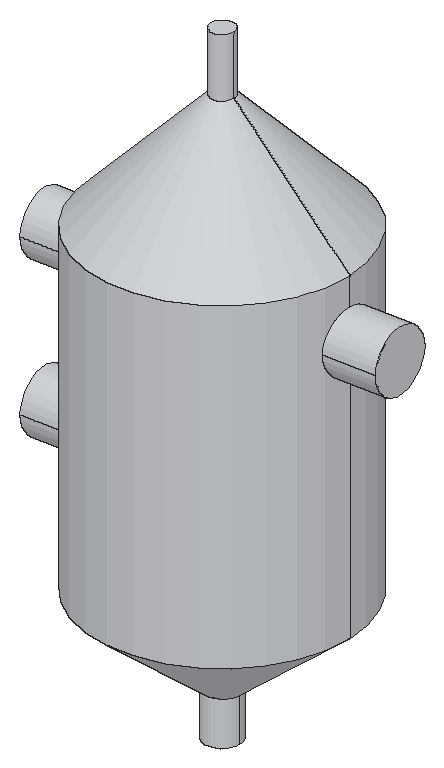
Revit family "M_Separador de ar com filtro - Tangencial em linha - 50-65 mm - Rosqueado", category Acessórios do tubo, Revit 2019
Family settings
  Cota do conector redondo = Usar raio
  Tipo de parte = Normal
  Número OmniClass = 23.65.50.11
  Título OmniClass = Water Treatment
  ID de item do Seek = Air Separator with Strainer - Inline Tangential - 50-65 mm - Threaded-0000-CAN-ENU
  Com base no plano de trabalho = Não
  Sempre na vertical = Sim
  Corte com vazios quando carregada = Não
  Compartilhado = Não
Parameters (values of type "50 mm")
  Raio da ventilação = 10 mm
  Diâmetro da ventilação = Raio da ventilação * 2  # 20 mm
  Raio do separador = Diâmetro do separador / 2  # 109.5 mm
  Comprimento do separador = 305 mm
  Altura do separador = 457 mm
  Diâmetro do separador = 219 mm
  Raio externo = Diâmetro externo / 2  # 26.25 mm
  Diâmetro externo = 1.05 * Diâmetro nominal  # 52.5 mm
  Raio nominal = 25 mm
  Diâmetro nominal = Raio nominal * 2  # 50 mm
  K Coefficient = 2.75
  Raio da drenagem = 15 mm
  Distância 1 = 137 mm
  C1 Deslocamento 1 = 152 mm
  Material do separador de ar = none
Types (3, lengths in mm): name | Raio do separador | Comprimento do separador | Altura do separador | Diâmetro do separador | Raio externo | Diâmetro externo | Raio nominal | Diâmetro nominal | K Coefficient | Distância 1 | C1 Deslocamento 1
  (no name) | 109.5 | 305 | 457 | 219 | 26.25 | 52.5 | 25 | 50 | 2.75 | 137 | 152
  50 mm | 109.5 | 305 | 457 | 219 | 26.25 | 52.5 | 25 | 50 | 2.75 | 137 | 152
  65 mm | 136.5 | 406 | 508 | 273 | 34.125 | 68.25 | 32.5 | 65 | 3.34 | 149 | 178
Reference planes
  plane 1 "Centro (Frente/Trás)": y = 0
  plane 2: z = 0
  plane 3 "Centro (Esquerda/Direita)": x = 0
  plane 4: z = 0
  plane 5: x = -305
  plane 6: z = 152
  plane 7: z = 202.8
  plane 8: z = -137
  plane 9: x = -152.5
  plane 10: x = -43
  plane 11: z = 50.4
  plane 12: z = -305
  plane 13: z = -228.8
  plane 14: z = -343.1
Forms (mm)
  Extrusion 1, solid, material <- "Material do separador de ar"
    sketch origin (0, 0, 0) x (1, 0, 0) y (0, 1, 0)
      loop
        circle (-152.5, 0) r 109.5
    from -228.8 to 50.4
  Extrusion 2, solid, material <- "Material do separador de ar"
    sketch origin (0, 0, 0) x (0, 1, 0) y (0, 0, 1)
      loop
        circle (0, 0) r 26.25
    from -152.5 to 0
  Extrusion 3, solid, material <- "Material do separador de ar"
    sketch origin (0, 0, 0) x (0, 1, 0) y (0, 0, 1)
      loop
        circle (0, -137) r 26.25
    from -305 to -152.5
  Extrusion 4, solid, material <- "Material do separador de ar"
    sketch origin (0, 0, 0) x (0, 1, 0) y (0, 0, 1)
      loop
        circle (0, 0) r 26.25
    from -305 to -152.5
  Blend 5, solid, material <- "Material do separador de ar"
    base sketch origin (0, 0, 0) x (1, 0, 0) y (0, 1, 0)
      loop
        circle (-152.5, 0) r 109.5
    top sketch origin (0, 0, 0) x (1, 0, 0) y (0, 1, 0)
      loop
        circle (-152.5, 0) r 10
    from 50.4 to 152
  Blend 6, solid, material <- "Material do separador de ar"
    base sketch origin (0, 0, 0) x (1, 0, 0) y (0, 1, 0)
      loop
        circle (-152.5, 0) r 15
    top sketch origin (0, 0, 0) x (1, 0, 0) y (0, 1, 0)
      loop
        circle (-152.5, 0) r 109.5
    from -305 to -228.8
  Extrusion 7, solid, material <- "Material do separador de ar"
    sketch origin (0, 0, 0) x (1, 0, 0) y (0, 1, 0)
      loop
        circle (-152.5, 0) r 10
    from 152 to 202.8
  Extrusion 8, solid, material <- "Material do separador de ar"
    sketch origin (0, 0, 0) x (1, 0, 0) y (0, 1, 0)
      loop
        circle (-152.5, 0) r 15
    from -343.1 to -305
Cuts and joins
  joined: Extrusion 1, Extrusion 2, Extrusion 3, Extrusion 4, Blend 5, Blend 6, Extrusion 7, Extrusion 8
Dimensions and locks
  "C1 Deslocamento 1": plane 6 to plane 2
  locked: plane 7 to plane 6 at 50.8
  "Distância 1": plane 2 to plane 8
  "Comprimento do separador": plane 5 to plane 3 "Centro (Esquerda/Direita)"
  equal spacing: plane 5, plane 9, plane 3 "Centro (Esquerda/Direita)"
  "Raio do separador": plane 9 to plane 10
  locked: plane 6 to plane 11 at 101.6
  "Altura do separador": plane 6 to plane 12
  locked: plane 13 to plane 12 at 76.2
  locked: plane 12 to plane 14 at 38.1
  "Raio do separador": radius of Extrusion 1 sketch curve
  "Raio externo": radius of Extrusion 2 sketch curve
  "Raio externo": radius of Extrusion 3 sketch curve
  "Raio externo": radius of Extrusion 4 sketch curve
  "Raio do separador": radius of Blend 5 sketch curve
  "Raio da ventilação": radius of Blend 5 sketch curve
  "Raio da drenagem": radius of Blend 6 sketch curve
  "Raio do separador": radius of Blend 6 sketch curve
  "Raio da ventilação": radius of Extrusion 7 sketch curve
  "Raio da drenagem": radius of Extrusion 8 sketch curve
  aligned and locked: plane 2 to plane 4
  aligned and locked: plane 4 to Extrusion 2 sketch curve
  aligned and locked: plane 1 "Centro (Frente/Trás)" to Extrusion 2 sketch curve
  aligned and locked: plane 9 to Extrusion 1 sketch curve
  aligned and locked: plane 1 "Centro (Frente/Trás)" to Extrusion 1 sketch curve
  aligned and locked: plane 9 to Extrusion 2
  aligned and locked: plane 3 "Centro (Esquerda/Direita)" to Extrusion 2
  aligned and locked: plane 11 to Extrusion 1
  aligned and locked: plane 8 to Extrusion 3 sketch curve
  aligned and locked: plane 1 "Centro (Frente/Trás)" to Extrusion 3 sketch curve
  aligned and locked: plane 5 to Extrusion 3
  aligned and locked: Extrusion 3 to plane 9
  aligned and locked: plane 4 to Extrusion 4 sketch curve
  aligned and locked: plane 1 "Centro (Frente/Trás)" to Extrusion 4 sketch curve
  aligned and locked: Extrusion 4 to plane 9
  aligned and locked: plane 5 to Extrusion 4
  aligned and locked: Extrusion 1 to plane 13
  aligned and locked: plane 1 "Centro (Frente/Trás)" to Blend 5 sketch curve  (x2)
  aligned and locked: plane 9 to Blend 5 sketch curve  (x2)
  aligned and locked: Blend 5 to plane 11
  aligned and locked: plane 6 to Blend 5
  aligned and locked: plane 1 "Centro (Frente/Trás)" to Blend 6 sketch curve  (x2)
  aligned and locked: plane 9 to Blend 6 sketch curve  (x2)
  aligned and locked: Blend 6 to plane 12
  aligned and locked: plane 13 to Blend 6
  aligned and locked: plane 1 "Centro (Frente/Trás)" to Extrusion 7 sketch curve
  aligned and locked: plane 9 to Extrusion 7 sketch curve
  aligned and locked: Extrusion 7 to plane 6
  aligned and locked: plane 7 to Extrusion 7
  aligned and locked: plane 1 "Centro (Frente/Trás)" to Extrusion 8 sketch curve
  aligned and locked: plane 9 to Extrusion 8 sketch curve
  aligned and locked: plane 12 to Extrusion 8
  aligned and locked: Extrusion 8 to plane 14
Connectors
  piping at (0, 0, 0), diameter 50, driven by "Raio nominal"
    settings: on cut or joined group of Extrusion 1, Extrusion 2, Extrusion 3, Extrusion 4, Blend 5, Blend 6, Extrusion 7, Extrusion 8, index 1, connector inside diameter 50 mm, connector length 0 mm, flow factor 0, pipe flow 0.0 L/s, pressure drop 0.0 Pa, fitting loss kfactor 0, connector angle 0.00°, fixture units 0, engagement length 0 mm, angle of deflection 0.00°, flow configuration 0, flow direction 0, fitting loss method 2, system type 29, joint type 0, gender type 0, connector reference index 2, connector utility 0, adjustable connector no, is connector primary yes, connector description "Conectado a entrada da caldeira/resfriador"
  piping at (-305, 0, -137), diameter 50, driven by "Raio nominal", driven by "K Coefficient"
    settings: on cut or joined group of Extrusion 1, Extrusion 2, Extrusion 3, Extrusion 4, Blend 5, Blend 6, Extrusion 7, Extrusion 8, index 2, connector inside diameter 50 mm, connector length 0 mm, flow factor 0, pipe flow 0.0 L/s, pressure drop 0.0 Pa, fitting loss kfactor 2.75, connector angle 0.00°, fixture units 0, engagement length 0 mm, angle of deflection 0.00°, flow configuration 0, flow direction 0, fitting loss method 2, system type 29, joint type 0, gender type 0, connector reference index 1, connector utility 0, adjustable connector no, is connector primary no, connector description "Conectado a saída da bomba"
  piping at (-152.5, 0, 202.8), diameter 20, driven by "Raio da ventilação"
    settings: on cut or joined group of Extrusion 1, Extrusion 2, Extrusion 3, Extrusion 4, Blend 5, Blend 6, Extrusion 7, Extrusion 8, index 3, connector inside diameter 20 mm, connector length 0 mm, flow factor 0, pipe flow 0.0 L/s, pressure drop 0.0 Pa, fitting loss kfactor 0, connector angle 0.00°, fixture units 0, engagement length 0 mm, angle of deflection 0.00°, flow configuration 1, flow direction 2, fitting loss method 0, system type 29, joint type 0, gender type 0, connector reference index -1, connector utility 0, adjustable connector no, is connector primary no, connector description "Conectado a ventilação ou diafragma/saída do reservatório de compressão"
